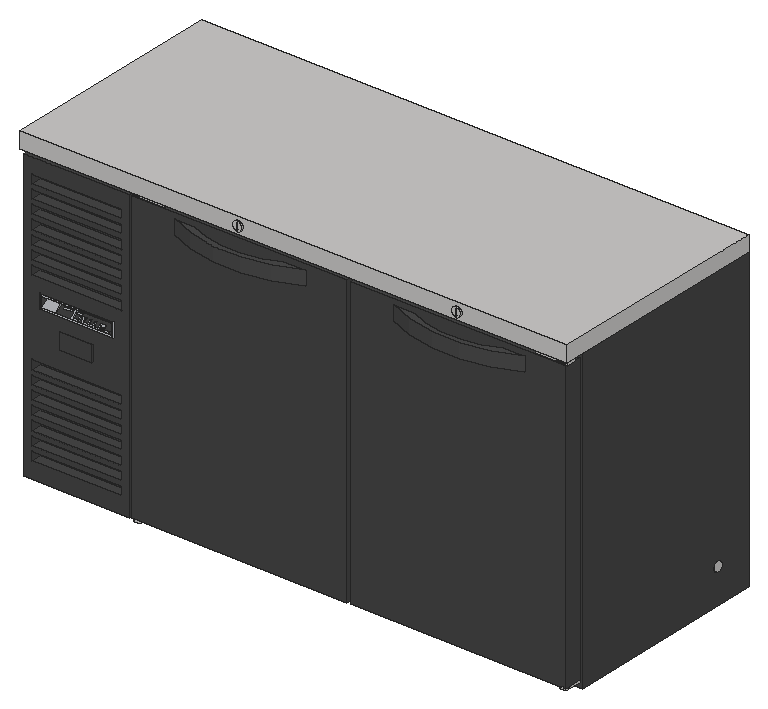
Revit family "QF_TRUE_TBR60-RISZ1-L-B-SS-1", category Specialty Equipment, Revit 2016 (continued)
Definition of nested family "CASTORS & LEGS"
  Definition of nested family "HATCO_4 INCHES_CASTER"
    Forms (in)
      Extrusion 4, solid, visible <- "Show 4 Inches Caster"
        sketch origin (-1.93794, 1.80294, -1.7541) x (0, 1, 0) y (0, 0, 1)
          loop
            arc (0.34449, 4.39437) -> (0.12713, 4.6163) -> (-0.1239, 4.79931) r 1.8753
            line (-0.1239, 4.79931) -> (-0.05749, 4.91421)
            arc (-0.05749, 4.91421) -> (-0.33807, 5.05694) -> (-0.64294, 5.13542) r 1.44292
            line (-0.64294, 5.13542) -> (-0.64294, 5.33423) -> (-3.08794, 5.33423)
        from 2.74918 to 2.90825
      Extrusion 5, solid, visible <- "Show 4 Inches Caster"
        sketch origin (1.93794, 1.80294, -1.7541) x (0, 1, 0) y (0, 0, -1)
          loop
            line (-3.08794, -5.33423) -> (-0.64294, -5.33423) -> (-0.64294, -5.13542)
            arc (-0.64294, -5.13542) -> (-0.33807, -5.05694) -> (-0.05749, -4.91421) r 1.44292
            line (-0.05749, -4.91421) -> (-0.1239, -4.79931)
            arc (-0.1239, -4.79931) -> (0.12713, -4.6163) -> (0.34449, -4.39437) r 1.8753
            line (0.34449, -4.39437) -> (0.24034, -4.24562)
            arc (0.24034, -4.24562) -> (-0.27092, -3.92503) -> (-0.4561, -3.35069) r 0.88136
            arc (-0.4561, -3.35069) -> (-0.85703, -2.75969) -> (-1.45681, -3.14736) r 0.5107
            arc (-1.45681, -3.14736) -> (-2.09118, -4.14057) -> (-2.8913, -5.00584) r 6.63355
            line (-2.8913, -5.00584) -> (-3.08794, -5.00584) -> (-3.08794, -5.33423)
        from 2.74918 to 2.90825
    Cuts and joins
      joined: Extrusion 2, Extrusion 4, Extrusion 5
    Lines and regions (in)
      symbolic lines, visible <- "Show 4 Inches Caster"
        curve 1: line (0.28481, 2.83041, 0) -> (1.24556, 2.27572, 0)
        curve 2: line (-1.26206, 0.15114, 0) -> (-0.69281, 1.13711, 0)
        curve 3: line (-0.30132, -0.40355, 0) -> (-1.26206, 0.15114, 0)
        curve 4: line (1.24556, 2.27572, 0) -> (0.69868, 1.3285, 0)
        curve 5: line (-0.2461, 1.91084, 0) -> (0.28481, 2.83041, 0)
        curve 6: line (0.19868, 0.46248, 0) -> (-0.30132, -0.40355, 0)
    Dimensions and locks (in)
      plane 4 "TOP" to level = 4"  (x2)
      aligned and locked: level to plane 1
  Definition of nested family "5 INCHES 01_CASTER"
    Parameters (values of type "5 INCHES 01_CASTER")
      Weight = ""
      URL Manufacturer = ""
      URL Cutsheet = ""
      URL = ""
      Type Mark [instance] = ""
      Specification by User [instance] = ""
      Specification by Manufacturer = ""
      Show 5" Casters [instance] = yes
      Serial Number = ""
      Seismic Rating = ""
      SMACNA No = ""
      Revision Code [instance] = ""
      Omniclass Number and Title = ""
      NAFEM Spec ID Number = ""
      Model = ""
      MasterSpec. = ""
      Manufacturer = ""
      Key Locks [instance] = yes
      Item Number [instance] = ""
      Installed By [instance] = ""
      Identify Quantity as Lot [instance] = yes
      Furnished By [instance] = ""
      Foodservice Equipment Identifier [instance] = yes
      Description = ""
      CSI MasterFormat = ""
      CSI Master Format = ""
      Assembly Code = ""
    Reference planes (in)
      plane 1: z = 0
      plane 2 "RIGHT": x = 0
      plane 3 "FRONT": y = 0
      plane 4 "TOP": z = 5
    Forms (in)
      Revolve 1, solid, visible <- "Show 5" Casters"
        sketch origin (-1.93794, 0.99859, -1.0041) x (1, 0, 0) y (0, 0, 1)
          loop
            line (0.74055, 3.0041) -> (0.74055, 2.9286) -> (0.79055, 2.8786) -> (0.85055, 2.8786) -> (0.85055, 2.75852) -> (1.235, 2.75852) -> (1.235, 2.56618) -> (1.37557, 2.48502) -> (1.49133, 1.76972) -> (1.34375, 1.76972) -> (1.34375, 1.53535) -> (1.375, 1.53535) -> (1.375, 1.0041) -> (2.48438, 1.0041) -> (2.48438, 1.53535) -> (2.51563, 1.53535) -> (2.51563, 1.76972) -> (2.36805, 1.76972) -> (2.48438, 2.48853) -> (2.62438, 2.56936) -> (2.62438, 2.75852) -> (3.04007, 2.75852) -> (3.04007, 2.8786) -> (3.10007, 2.8786) -> (3.15007, 2.9286) -> (3.15007, 3.0041) -> (0.74055, 3.0041)
          axis (0.74055, 3.0041) -> (3.15007, 3.0041)
        angle from 0 to 360
      Extrusion 2, solid, visible <- "Show 5" Casters"
        sketch origin (-1.93794, 1.96337, -0.7541) x (0, 1, 0) y (0, 0, 1)
          loop
            line (-3.37739, 5.33423) -> (-3.37739, 4.92712) -> (-2.49294, 4.92712)
            arc (-2.49294, 4.92712) -> (-1.47209, 4.91752) -> (-0.46376, 4.75787) r 6.92153
            arc (-0.46376, 4.75787) -> (0.14199, 4.53396) -> (0.67481, 4.16904) r 2.62713
            line (0.67481, 4.16904) -> (0.7876, 4.33012)
            arc (0.7876, 4.33012) -> (0.48098, 4.5674) -> (0.13288, 4.73811) r 1.91675
            line (0.13288, 4.73811) -> (0.21197, 4.87494)
            arc (0.21197, 4.87494) -> (-0.1576, 5.02102) -> (-0.54934, 5.08775) r 1.91675
            line (-0.54934, 5.08775) -> (-0.54934, 5.33423) -> (-3.37739, 5.33423)
        from 1.17357 to 2.70231
      Revolve 3, solid, visible <- "Show 5" Casters"
        sketch origin (0, 2.15543, -1.25) x (0, 1, 0) y (0, 0, 1)
          loop
            line (-2.21793, 6.25) -> (-2.21793, 5.83014) -> (-1.05793, 5.83014) -> (-1.05793, 6.25) -> (-2.21793, 6.25)
          axis (-2.21793, 5.83014) -> (-2.21793, 6.25)
        angle from 0 to 360
      Extrusion 4, solid, visible <- "Show 5" Casters"
        sketch origin (-1.98481, 1.96337, -0.7541) x (0, 1, 0) y (0, 0, 1)
          loop
            line (-3.37739, 5.33423) -> (-3.37739, 4.92712) -> (-3.13361, 4.92712)
            arc (-3.13361, 4.92712) -> (-2.12623, 3.92533) -> (-1.55834, 2.62307) r 3.79122
            arc (-1.55834, 2.62307) -> (-0.81477, 2.14247) -> (-0.31772, 2.87515) r 0.63314
            arc (-0.31772, 2.87515) -> (-0.02244, 3.67728) -> (0.68637, 4.15498) r 1.39003
            line (0.68637, 4.15498) -> (0.7876, 4.33012)
            arc (0.7876, 4.33012) -> (0.48098, 4.5674) -> (0.13288, 4.73811) r 1.91675
            line (0.13288, 4.73811) -> (0.21197, 4.87494)
            arc (0.21197, 4.87494) -> (-0.1576, 5.02102) -> (-0.54934, 5.08775) r 1.91675
            line (-0.54934, 5.08775) -> (-0.54934, 5.33423) -> (-3.37739, 5.33423)
        from 2.74918 to 2.90825
      Extrusion 5, solid, visible <- "Show 5" Casters"
        sketch origin (1.98481, 1.96337, -0.7541) x (0, 1, 0) y (0, 0, -1)
          loop
            line (-3.37739, -5.33423) -> (-0.54934, -5.33423) -> (-0.54934, -5.08775)
            arc (-0.54934, -5.08775) -> (-0.1576, -5.02102) -> (0.21197, -4.87494) r 1.91675
            line (0.21197, -4.87494) -> (0.13288, -4.73811)
            arc (0.13288, -4.73811) -> (0.48098, -4.5674) -> (0.7876, -4.33012) r 1.91675
            line (0.7876, -4.33012) -> (0.68637, -4.15498)
            arc (0.68637, -4.15498) -> (-0.02244, -3.67728) -> (-0.31772, -2.87515) r 1.39003
            arc (-0.31772, -2.87515) -> (-0.81477, -2.14247) -> (-1.55834, -2.62307) r 0.63314
            arc (-1.55834, -2.62307) -> (-2.12623, -3.92533) -> (-3.13361, -4.92712) r 3.79122
            line (-3.13361, -4.92712) -> (-3.37739, -4.92712) -> (-3.37739, -5.33423)
        from 2.74918 to 2.90825
    Cuts and joins
      joined: Extrusion 2, Extrusion 4, Extrusion 5
    Lines and regions (in)
      symbolic lines, visible <- "Show 5" Casters"
        curve 1: line (0.54262, 2.21348, 0) -> (1.50337, 1.65879, 0)
        curve 2: line (-1.45738, -1.25062, 0) -> (-0.70738, 0.04842, 0)
        curve 3: line (-0.49663, -1.80531, 0) -> (-1.45738, -1.25062, 0)
        curve 4: line (1.50337, 1.65879, 0) -> (0.75337, 0.35975, 0)
        curve 5: line (-0.20738, 0.91444, 0) -> (0.54262, 2.21348, 0)
        curve 6: line (0.25337, -0.50627, 0) -> (-0.49663, -1.80531, 0)
    Dimensions and locks (in)
      plane 4 "TOP" to level = 5"  (x2)
      aligned and locked: level to plane 1
  Definition of nested family "7-8 INCHES_CASTER"
    Parameters (values of type "7-8 INCHES_CASTER")
      Weight = ""
      URL Manufacturer = ""
      URL Cutsheet = ""
      URL = ""
      Type Mark [instance] = ""
      Specification by User [instance] = ""
      Specification by Manufacturer = ""
      Serial Number = ""
      Seismic Rating = ""
      SMACNA No = ""
      Revision Code [instance] = ""
      Omniclass Number and Title = ""
      NAFEM Spec ID Number = ""
      Model = ""
      MasterSpec. = ""
      Manufacturer = ""
      Item Number [instance] = ""
      Installed By [instance] = ""
      Identify Quantity as Lot [instance] = yes
      Furnished By [instance] = ""
      Foodservice Equipment Identifier [instance] = yes
      Description = ""
      CSI MasterFormat = ""
      CSI Master Format = ""
      Assembly Code = ""
      2.5 Inches Caster [instance] = yes
    Reference planes (in)
      plane 1: z = 0
      plane 2 "RIGHT": x = 0
      plane 3 "FRONT": y = 0
      plane 4 "TOP": z = 2.125
      plane 5: z = 0.875
    Forms (in)
      Revolve 1, solid, visible <- "2.5 Inches Caster"
        sketch origin (-1.93794, 0.16358, -1.0041) x (1, 0, 0) y (0, 0, 1)
          loop
            line (2.21963, 1.0041) -> (2.21963, 1.07441) -> (2.16308, 1.07441) -> (2.17665, 1.15827) -> (2.27369, 1.21429) -> (2.27369, 1.29531) -> (1.60219, 1.29531) -> (1.60219, 1.21429) -> (1.69923, 1.15827) -> (1.7128, 1.07441) -> (1.65625, 1.07441) -> (1.65625, 1.0041) -> (2.21963, 1.0041)
          axis (2.27369, 1.29531) -> (1.60219, 1.29531)
        angle from 0 to 360
      Extrusion 2, solid, visible <- "2.5 Inches Caster"
        sketch origin (-1.93794, 1.43296, -4.66527) x (0, 1, 0) y (0, 0, 1)
          loop
            line (-1.16673, 5.3791) -> (-1.71584, 5.3791) -> (-1.71584, 5.33314) -> (-1.62354, 5.33314)
            arc (-1.62354, 5.33314) -> (-1.55924, 5.29737) -> (-1.50495, 5.24769) r 0.31579
            line (-1.50495, 5.24769) -> (-0.93687, 5.24769)
            arc (-0.93687, 5.24769) -> (-0.98865, 5.28224) -> (-1.04346, 5.31172) r 0.65588
            line (-1.04346, 5.31172) -> (-1.01965, 5.35291)
            arc (-1.01965, 5.35291) -> (-1.09203, 5.3725) -> (-1.16673, 5.3791) r 0.4262
        from 1.60219 to 2.27369
      Revolve 3, solid, visible <- "2.5 Inches Caster"
        sketch origin (0, 1.73858, -5) x (0, 1, 0) y (0, 0, 1)
          loop
            line (-1.73858, 5.71382) -> (-1.35578, 5.71382) -> (-1.35578, 5.875) -> (-1.73858, 5.875) -> (-1.73858, 5.71382)
          axis (-1.73858, 5.71382) -> (-1.73858, 5.875)
        angle from 0 to 360
      Extrusion 4, solid, visible <- "2.5 Inches Caster"
        sketch origin (0.33575, 1.43296, -4.66527) x (0, 1, 0) y (0, 0, 1)
          loop
            line (-1.71584, 5.3791) -> (-1.71584, 5.33314) -> (-1.62354, 5.33314)
            arc (-1.62354, 5.33314) -> (-1.48788, 5.22611) -> (-1.42886, 5.06369) r 0.31579
            arc (-1.42886, 5.06369) -> (-1.418, 4.99525) -> (-1.39559, 4.92968) r 0.40356
            arc (-1.39559, 4.92968) -> (-1.27344, 4.85253) -> (-1.15595, 4.93662) r 0.12941
            arc (-1.15595, 4.93662) -> (-1.1504, 4.95356) -> (-1.14628, 4.97091) r 0.21578
            arc (-1.14628, 4.97091) -> (-1.06824, 5.11243) -> (-0.92225, 5.18175) r 0.26341
            line (-0.92225, 5.18175) -> (-0.8974, 5.21614)
            arc (-0.8974, 5.21614) -> (-0.96724, 5.26881) -> (-1.04346, 5.31172) r 0.65588
            line (-1.04346, 5.31172) -> (-1.01965, 5.35291)
            arc (-1.01965, 5.35291) -> (-1.09203, 5.3725) -> (-1.16673, 5.3791) r 0.4262
            line (-1.16673, 5.3791) -> (-1.71584, 5.3791)
        from 0 to 0.0625
      Extrusion 5, solid, visible <- "2.5 Inches Caster"
        sketch origin (-0.33575, 1.43296, -4.66527) x (0, -1, 0) y (0, 0, 1)
          loop
            line (1.71584, 5.3791) -> (1.16673, 5.3791)
            arc (1.16673, 5.3791) -> (1.09203, 5.3725) -> (1.01965, 5.35291) r 0.4262
            line (1.01965, 5.35291) -> (1.04346, 5.31172)
            arc (1.04346, 5.31172) -> (0.96724, 5.26881) -> (0.8974, 5.21614) r 0.65588
            line (0.8974, 5.21614) -> (0.92225, 5.18175)
            arc (0.92225, 5.18175) -> (1.06824, 5.11243) -> (1.14628, 4.97091) r 0.26341
            arc (1.14628, 4.97091) -> (1.1504, 4.95356) -> (1.15595, 4.93662) r 0.21578
            arc (1.15595, 4.93662) -> (1.27344, 4.85253) -> (1.39559, 4.92968) r 0.12941
            arc (1.39559, 4.92968) -> (1.418, 4.99525) -> (1.42886, 5.06369) r 0.40356
            arc (1.42886, 5.06369) -> (1.48788, 5.22611) -> (1.62354, 5.33314) r 0.31579
            line (1.62354, 5.33314) -> (1.71584, 5.33314) -> (1.71584, 5.3791)
        from 0 to 0.0625
    Lines and regions (in)
      symbolic lines, visible <- "2.5 Inches Caster"
        curve 1: line (0.14193, 0.81567, 0) -> (0.64448, 0.52552, 0)
        curve 2: line (-0.51849, -0.32822, 0) -> (0.14193, 0.81567, 0)
        curve 3: line (-0.01594, -0.61837, 0) -> (-0.51849, -0.32822, 0)
        curve 4: line (0.64448, 0.52552, 0) -> (-0.01594, -0.61837, 0)
    Dimensions and locks (in)
      plane 4 "TOP" to level = 2 1/8"  (x2)
      plane 5 to plane 1 = 7/8"
      aligned and locked: level to plane 1
  Definition of nested family "6 INCHES 02_CASTER"
    Parameters (values of type "6 INCHES 02_CASTER")
      Weight = ""
      URL Manufacturer = ""
      URL Cutsheet = ""
      URL = ""
      Type Mark [instance] = ""
      Specification by User [instance] = ""
      Specification by Manufacturer = ""
      Show Casters [instance] = yes
      Serial Number = ""
      Seismic Rating = ""
      SMACNA No = ""
      Revision Code [instance] = ""
      Omniclass Number and Title = ""
      NAFEM Spec ID Number = ""
      Model = ""
      MasterSpec. = ""
      Manufacturer = ""
      Item Number [instance] = ""
      Installed By [instance] = ""
      Identify Quantity as Lot [instance] = yes
      Furnished By [instance] = ""
      Foodservice Equipment Identifier [instance] = yes
      Description = ""
      CSI MasterFormat = ""
      CSI Master Format = ""
    Reference planes (in)
      plane 1 "BACK": y = 0
      plane 2: z = 0
      plane 3 "LEFT": x = 0
      plane 4 "RIGHT": x = 0
      plane 5 "FRONT": y = 0
      plane 6 "TOP": z = 6.0625
    Forms (in)
      Revolve 1, solid, visible <- "Show Casters"
        sketch origin (-2.21793, 0, -0.25) x (-1, 0, 0) y (0, 0, 1)
          loop
            line (-2.21793, 6) -> (-2.21793, 5.55584) -> (-0.93693, 5.55584) -> (-0.93693, 6) -> (-2.21793, 6)
          axis (-2.21793, 5.55584) -> (-2.21793, 6)
        angle from 0 to 360
      Extrusion 2, solid, visible <- "Show Casters"
        sketch origin (0.25594, 2.08988, -0.1875) x (0, 1, 0) y (0, 0, 1)
          loop
            line (-3.37793, 5.49334) -> (-3.37793, 5.24334) -> (-1.67236, 2.30765)
            arc (-1.67236, 2.30765) -> (-0.65502, 1.97635) -> (-0.25363, 2.96812) r 0.78437
            line (-0.25363, 2.96812) -> (-0.80182, 5.49334) -> (-3.37793, 5.49334)
        from 0.78968 to 0.90247
      Extrusion 3, solid, visible <- "Show Casters"
        sketch origin (0, 0, 5.75) x (0, 1, 0) y (-1, 0, 0)
          loop
            circle (0, 0) r 0.75
        from 0 to 0.3125
      Extrusion 4, solid, visible <- "Show Casters"
        sketch origin (-0.25594, 2.08988, -0.1875) x (0, 1, 0) y (0, 0, -1)
          loop
            line (-3.37793, -5.24334) -> (-3.37793, -5.49334) -> (-0.80182, -5.49334) -> (-0.25363, -2.96812)
            arc (-0.25363, -2.96812) -> (-0.65502, -1.97635) -> (-1.67236, -2.30765) r 0.78437
            line (-1.67236, -2.30765) -> (-3.37793, -5.24334)
        from 0.78968 to 0.90247
      Extrusion 5, solid, visible <- "Show Casters"
        sketch origin (0, -0.12806, 0.75) x (0, 1, 0) y (0, 0, 1)
          loop
            line (-1.16, 4.55584) -> (-1.16, 4.30584) -> (1.41611, 4.30584) -> (1.41611, 4.55584) -> (-1.16, 4.55584)
        from -1.04562 to 1.04562
      Revolve 6, solid, visible <- "Show Casters"
        sketch origin (-1.9375, 1.11772, -0.12802) x (1, 0, 0) y (0, 0, 1)
          loop
            line (0.5843, 2.5666) -> (0.5843, 2.4286) -> (0.6343, 2.3786) -> (0.6943, 2.3786) -> (0.6943, 2.2429) -> (1.1725, 2.2429) -> (1.1725, 1.84743) -> (1.30191, 1.77271) -> (1.42647, 1.00302) -> (1.28125, 1.00302) -> (1.28125, 0.75302) -> (1.3125, 0.75302) -> (1.3125, 0.50302)
            arc (1.3125, 0.50302) -> (1.42233, 0.23785) -> (1.6875, 0.12802) r 0.375
            line (1.6875, 0.12802) -> (2.1875, 0.12802)
            arc (2.1875, 0.12802) -> (2.45267, 0.23785) -> (2.5625, 0.50302) r 0.375
            line (2.5625, 0.50302) -> (2.5625, 0.75302) -> (2.59375, 0.75302) -> (2.59375, 1.00302) -> (2.44853, 1.00302) -> (2.57366, 1.77622) -> (2.7025, 1.85061) -> (2.7025, 2.2429) -> (3.1807, 2.2429) -> (3.1807, 2.3786) -> (3.2407, 2.3786) -> (3.2907, 2.4286) -> (3.2907, 2.5666) -> (0.5843, 2.5666)
          axis (0.5843, 2.5666) -> (3.2907, 2.5666)
        angle from 0 to 360
    Cuts and joins
      joined: Extrusion 2, Extrusion 4, Extrusion 5
    Lines and regions (in)
      symbolic lines, visible <- "Show Casters"
        curve 1: line (0.45873, 2.04243, 0) -> (1.54127, 1.41743, 0)
        curve 2: line (-1.54127, -1.42167, 0) -> (-0.79127, -0.12263, 0)
        curve 3: line (-0.45873, -2.04667, 0) -> (-1.54127, -1.42167, 0)
        curve 4: line (1.54127, 1.41743, 0) -> (0.79127, 0.11839, 0)
        curve 5: line (-0.29127, 0.74339, 0) -> (0.45873, 2.04243, 0)
        curve 6: line (0.29127, -0.74763, 0) -> (-0.45873, -2.04667, 0)
    Dimensions and locks (in)
      plane 6 "TOP" to level = 6 1/16"
      locked: plane 6 "TOP" to level at 6.0625
      aligned and locked: level to plane 2
